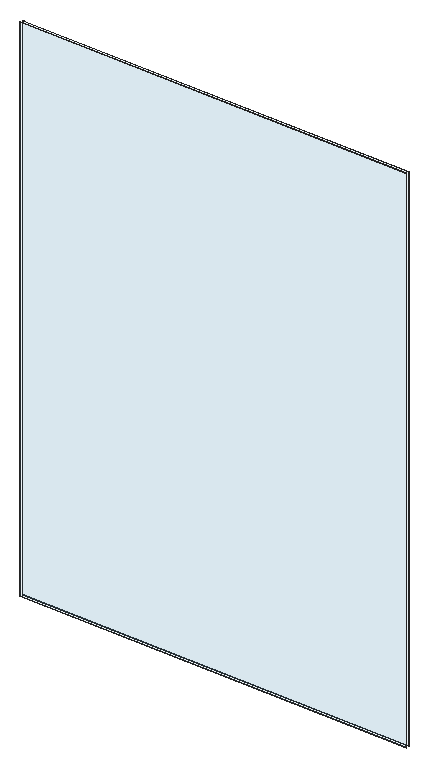
Revit family "ALSPEC Hunter Evo 101.6 DGL Flush GLZ", category Curtain Panels, Revit 2017
Family settings
  OmniClass Number = 23.25.20.14.11.11.17
  OmniClass Title = Infill Panels
  Always vertical = Yes
  Cut with Voids When Loaded = No
  Shared = No
Parameters
  YEAR = "2019"
  VERSION = "2.0"
  TODAYS DATE = "05.02.2019"
  SINGLE GLAZED THICKNESS = 8 mm
  DOUBLE GLAZED THICKNESS = 30 mm
  D = B - (2 * A)  # 14 mm
  CREATOR = " Scott Isouard"  # constant formula
  COMPANY = "Archvis"  # constant formula
  C = if(D > 0 mm, B, (2 * A) + 0.8 mm)  # 30 mm
  B = if(DOUBLE GLAZED THICKNESS > 30 mm, 30 mm, if(DOUBLE GLAZED THICKNESS < 16 mm, 16 mm, DOUBLE GLAZED THICKNESS))  # 30 mm
  Assembly Code = ""
  Analytic Construction = "<None>"
  ANZRC Compliant = yes
  A = if(SINGLE GLAZED THICKNESS > 14 mm, 14 mm, if(SINGLE GLAZED THICKNESS < 6 mm, 6 mm, SINGLE GLAZED THICKNESS))  # 8 mm
Reference planes
  plane 1 "Center (Front/Back)": y = 0
  plane 2: z = 0
  plane 3 "Center (Left/Right)": x = 0
  plane 4 "Left": x = -1500
  plane 5 "Right": x = 1500
  plane 6 "Top": z = 4000
  plane 7: z = -50
  plane 8: y = 28.3
  plane 9: y = 43.3
  plane 10: y = 13.3
  plane 11: y = 35.3
  plane 12: y = 21.3
Forms (mm)
  Extrusion 1, solid, material "Glass"
    sketch origin (0, 0, 0) x (1, 0, 0) y (0, 1, 0)
      loop
        line (-1500, 43.3) -> (-1500, 35.3) -> (1500, 35.3) -> (1500, 43.3) -> (-1500, 43.3)
      loop
        line (-1500, 21.3) -> (-1500, 13.3) -> (1500, 13.3) -> (1500, 21.3) -> (-1500, 21.3)
    from 0 to 4000
Text (mm)
  text "Exterior" at (-1594.545, 108.878, 0), in view "Ref. Level"
  text "Exterior" at (0, 2290.741, 4406.713), in view "Left"
  text "Exterior" at (0, 1328.187, 4120.349), in view "Right"
Dimensions and locks
  equal spacing: plane 4 "Left", plane 3 "Center (Left/Right)", plane 5 "Right"
  locked: plane 7 to plane 2 at 50
  "C": plane 10 to plane 9
  equal spacing: plane 10, plane 8, plane 9
  locked: plane 1 "Center (Front/Back)" to plane 8 at 28.3
  "A": plane 10 to plane 12
  "A": plane 11 to plane 9
  aligned and locked: Extrusion 1 to plane 6 "Top"
  aligned and locked: plane 9 to Extrusion 1 sketch curve
  aligned and locked: Extrusion 1 sketch curve to plane 11
  aligned and locked: plane 12 to Extrusion 1 sketch curve
  aligned and locked: Extrusion 1 sketch curve to plane 10
Automatic sketch dimensions
  Extrusion 1 sketch curve to plane 4 "Left" = 0 mm  (x2)
  Extrusion 1 sketch curve to plane 5 "Right" = 0 mm  (x2)
